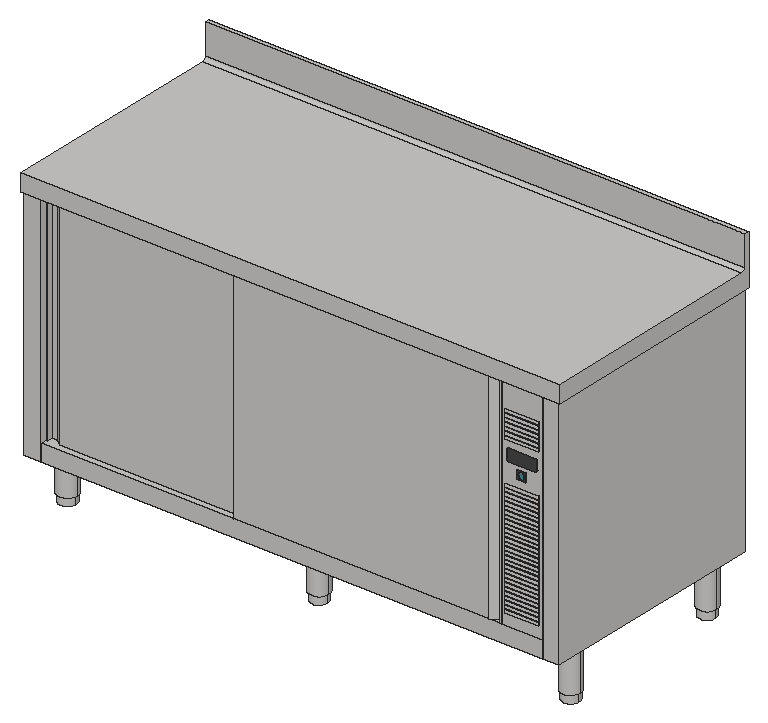
Revit family "QF_ZANUSSI_132793_MTC1610PN", category Attrezzature speciali, Revit 2020
Family settings
  Quota connettore circolare = Usa diametro
  Tipo di parte = Normale
  Basato su piano di lavoro = No
  Sempre verticale = Sì
  Taglio con vuoti quando caricato = No
  Condiviso = No
  Punto di calcolo locali = No
Parameters (values of type "Standard")
  Weight = 65.00 kg
  Watts = 2400 W
  Volts = 220 V
  URL Manufacturer = "http://www.zanussiprofessional.com"
  URL = "http://www.zanussiprofessional.com"
  Steam Supply Size = 0 mm
  Steam Supply Minimum Pressure = 0.0 Pa
  Steam Supply Maximum Pressure = 0.0 Pa
  Steam Consumption per Hour = 0
  Refrigeration Suction Line Size = 0.0 mm
  Refrigeration Liquid Line Size = 0.0 mm
  Refrigerant Compressor Remote = yes
  Prospetto di default = 0.0 mm
  Produttore = "Zanussi"
  Phase = 1
  Modello = "MTC1610PN"
  Length Actual = 1600.0 mm  # constant formula
  Item Number = "132793"
  Hot Water Size = 0 mm
  Height Actual = 1000.0 mm  # constant formula
  HP = "3.2 HP"
  Gas Size = 0 mm
  Gas KW = 0
  Gas Input Pressure = 0 W
  Direct Waste Size = 0 mm
  Descrizione = "HOT CUPB.VENT+UPST+SHELF+SLIDING D. 1600"
  Depth Actual = 700.0 mm  # constant formula
  Cycle = 50 Hz
  Condensate Return Size = 0 mm
  Compressed Air Volume = 0.0 L/s
  Compressed Air Size = 0 mm
  Compressed Air Pressure = 0.0 Pa
  Cold Water Size = 0 mm
  Accessory = yes
Reference planes
  plane 1 "Center (Front/Back)": y = 0
  plane 2: z = 0
  plane 3 "Center (Left/Right)": x = -300
  plane 4 "LEFT": x = -1100
  plane 5 "RIGHT": x = 500
  plane 6 "BACK": y = 350
  plane 7 "FRONT": y = -350
  plane 8 "Base": z = 850
  plane 9 "TOP": z = 900
  plane 10: x = -1046.5
  plane 11: x = 446.5
  plane 12: y = 264.5
  plane 13: y = -241.5
  plane 14 "BodyLeft": x = -1094.5
  plane 15 "BodyFront": y = -344.5
  plane 16 "BodyRight": x = 494.5
  plane 17 "BodyBack": y = 344.5
  plane 18 "FEET": z = 150
  plane 19: x = 324.5
  plane 20: x = -361
  plane 21: x = 444.5
  plane 22 "EIx": x = 400
  plane 23 "EIy": y = -170
Forms (mm)
  Extrusion 1, solid, material "QF_Finishes_Stainless Steel"
    sketch origin (-300, 0, 0) x (0, 1, 0) y (0, 0, 1)
      loop
        line (-350, 850) -> (350, 850) -> (350, 1000) -> (337, 1000) -> (337, 910)
        arc (337, 910) -> (334.071, 902.929) -> (327, 900) r 10
        line (327, 900) -> (-350, 900) -> (-350, 850)
    from 800 to -800
  Extrusion 2, solid, material "QF_Finishes_Stainless Steel"
    sketch origin (0, 0, 150) x (-1, 0, 0) y (0, -1, 0)
      loop
        line (1094.5, -344.5) -> (1094.5, 344.5) -> (1044.5, 344.5) -> (1044.5, -344.5) -> (1094.5, -344.5)
      loop
        line (-444.5, -344.5) -> (-444.5, 344.5) -> (-494.5, 344.5) -> (-494.5, -344.5) -> (-444.5, -344.5)
    from 0 to 700
  Extrusion 3, solid, material "QF_Finishes_Stainless Steel"
    sketch origin (0, 0, 150) x (-1, 0, 0) y (0, -1, 0)
      loop
        line (1044.5, -344.5) -> (1044.5, 344.5) -> (-444.5, 344.5) -> (-444.5, -344.5) -> (1044.5, -344.5)
    from 0 to 50
  Extrusion 4, solid, material "QF_Finishes_Stainless Steel"
    sketch origin (-1, 0, 150) x (-1, 0, 0) y (0, -1, 0)
      loop
        line (-325.5, 344.5) -> (-325.5, 324.5) -> (470.5, 324.5) -> (470.5, 344.5) -> (-285.5, 344.5) -> (-305.5, 329.5) -> (-320.5, 329.5) -> (-320.5, 344.5) -> (-325.5, 344.5)
    from 50 to 700
  Extrusion 5, solid, material "QF_Finishes_Stainless Steel"
    sketch origin (1, 20, 150) x (1, 0, 0) y (0, 1, 0)
      loop
        line (-1045.5, -344.5) -> (-1040.5, -344.5) -> (-1040.5, -329.5) -> (-1025.5, -329.5) -> (-1005.5, -344.5) -> (-251.5, -344.5) -> (-251.5, -324.5) -> (-1045.5, -324.5) -> (-1045.5, -344.5)
    from 50 to 700
  Extrusion 6, solid, material "QF_Finishes_Stainless Steel"
    sketch origin (0, 0, 0) x (1, 0, 0) y (0, 1, 0)
      loop
        line (-1044.5, -304.5) -> (324.5, -304.5) -> (324.5, 324.5) -> (-1044.5, 324.5) -> (-1044.5, -304.5)
    from 500 to 540
  Extrusion 7, solid, material "QF_Finishes_Stainless Steel"
    sketch origin (0, 0, 0) x (1, 0, 0) y (0, 1, 0)
      loop
        line (444.5, 344.5) -> (-1044.5, 344.5) -> (-1044.5, 324.5) -> (444.5, 324.5) -> (444.5, 344.5)
    from 200 to 850
  Extrusion 8, solid, material "QF_Finishes_Stainless Steel"
    sketch origin (0, 0, 150) x (-1, 0, 0) y (0, -1, 0)
      loop
        circle (-400, 170) r 10
    from 0 to -5
Cuts and joins
  joined: Extrusion 3, Extrusion 7
Lines and regions (mm)
  symbolic lines
    curve 1: line (500, 350, 900) -> (-1100, 350, 900)
    curve 2: line (-1100, 350, 900) -> (-1100, -350, 900)
    curve 3: line (-1100, -350, 900) -> (500, -350, 900)
    curve 4: line (500, -350, 900) -> (500, 350, 900)
    curve 15: line (500, 337, 900) -> (-1100, 337, 900)
  symbolic lines, style "SpecialityEquipmentHiddenLines"
    curve 5: line (-1094.5, 344.5, 150) -> (494.5, 344.5, 150)
    curve 6: line (-1094.5, -344.5, 150) -> (-1094.5, 344.5, 150)
    curve 7: line (494.5, -344.5, 150) -> (-1094.5, -344.5, 150)
    curve 8: line (494.5, 344.5, 150) -> (494.5, -344.5, 150)
    curve 9: line (-1045.5, -304.5, 150) -> (-249.5, -304.5, 150)
    curve 10: line (-249.5, -304.5, 150) -> (-249.5, -324.5, 150)
    curve 11: line (-1045.5, -324.5, 150) -> (324.5, -324.5, 150)
    curve 12: line (324.5, -324.5, 150) -> (324.5, -344.5, 150)
    curve 13: line (-1045.5, -304.5, 150) -> (-1045.5, -324.5, 150)
    curve 14: line (-471.5, -344.5, 0) -> (-471.5, -324.5, 0)
Dimensions and locks
  plane 4 "LEFT" to plane 5 "RIGHT" = 1600.0 mm
  equal spacing: plane 4 "LEFT", plane 3 "Center (Left/Right)", plane 5 "RIGHT"
  locked: plane 8 "Base" to level at 850
  plane 6 "BACK" to plane 7 "FRONT" = 700.0 mm
  equal spacing: plane 6 "BACK", plane 1 "Center (Front/Back)", plane 7 "FRONT"
  locked: plane 4 "LEFT" to plane 14 "BodyLeft" at 5.5
  locked: plane 16 "BodyRight" to plane 5 "RIGHT" at 5.5
  locked: plane 15 "BodyFront" to plane 7 "FRONT" at 5.5
  locked: plane 6 "BACK" to plane 17 "BodyBack" at 5.5
  locked: plane 14 "BodyLeft" to plane 10 at 48
  locked: plane 11 to plane 16 "BodyRight" at 48
  locked: plane 13 to plane 15 "BodyFront" at 103
  locked: plane 17 "BodyBack" to plane 12 at 80
  plane 10 to plane 11 = 1493.0 mm
  plane 12 to plane 13 = 506.0 mm
  locked: plane 14 "BodyLeft" to Extrusion 2 sketch curve at 50
  locked: Extrusion 2 sketch curve to Extrusion 2 sketch curve at 50
  equal spacing: plane 10, plane 20, plane 19
  locked: plane 21 to plane 16 "BodyRight" at 50
  locked: plane 19 to plane 21 at 120
  locked: Extrusion 4 sketch curve to plane 20 at 110.5
  locked: plane 20 to Extrusion 5 sketch curve at 110.5
  locked: plane 18 "FEET" to level at 150
  locked: plane 22 "EIx" to plane 5 "RIGHT" at 100
  plane 23 "EIy" to plane 7 "FRONT" = 180.0 mm
  locked: Extrusion 1 to level at 1000
  plane 9 "TOP" to level = 900.0 mm
  aligned and locked: level to plane 2
  aligned and locked: plane 10 to nested 1
  aligned and locked: nested 1 to plane 13
  aligned and locked: plane 11 to nested 2
  aligned and locked: nested 2 to plane 13
  aligned and locked: plane 11 to nested 4
  aligned and locked: nested 4 to plane 12
  aligned and locked: plane 10 to nested 3
  aligned and locked: nested 3 to plane 12
  aligned and locked: Extrusion 1 to plane 4 "LEFT"
  aligned and locked: plane 5 "RIGHT" to Extrusion 1
  aligned and locked: curve 2 to plane 4 "LEFT"
  aligned and locked: plane 17 "BodyBack" to Extrusion 2 sketch curve
  aligned and locked: Extrusion 2 sketch curve to plane 15 "BodyFront"
  aligned and locked: Extrusion 2 sketch curve to plane 14 "BodyLeft"
  aligned and locked: plane 16 "BodyRight" to Extrusion 2 sketch curve
  aligned and locked: Extrusion 2 sketch curve to plane 17 "BodyBack"
  aligned and locked: plane 15 "BodyFront" to Extrusion 2 sketch curve
  aligned and locked: Extrusion 3 sketch curve to plane 17 "BodyBack"
  aligned and locked: plane 15 "BodyFront" to Extrusion 3 sketch curve
  aligned and locked: plane 8 "Base" to Extrusion 2
  aligned and locked: plane 8 "Base" to Extrusion 4
  aligned and locked: Extrusion 4 to Extrusion 3
  aligned and locked: Extrusion 1 to plane 8 "Base"
  aligned and locked: plane 9 "TOP" to Extrusion 1
  aligned and locked: curve 5 to plane 17 "BodyBack"
  aligned and locked: plane 14 "BodyLeft" to curve 6
  aligned and locked: plane 15 "BodyFront" to curve 7
  aligned and locked: plane 16 "BodyRight" to curve 8
  aligned and locked: Extrusion 3 to Extrusion 2  (x2)
  aligned and locked: Extrusion 6 sketch curve to Extrusion 2
  aligned and locked: Extrusion 6 sketch curve to Extrusion 5
  aligned and locked: nested 5 to plane 21
  aligned and locked: Extrusion 7 sketch curve to Extrusion 2
  aligned and locked: Extrusion 6 sketch curve to plane 19
  aligned and locked: plane 3 "Center (Left/Right)" to nested 6
  aligned and locked: plane 3 "Center (Left/Right)" to nested 7
Automatic sketch dimensions
  Extrusion 8 sketch curve to plane 22 "EIx" = 0.0 mm
  Extrusion 8 sketch curve to plane 23 "EIy" = 0.0 mm
  curve 14 to plane 15 "BodyFront" = 0.0 mm
  plane 15 "BodyFront" to curve 14 = 20.0 mm
  curve 14 to plane 20 = 110.5 mm
  curve 3 to plane 7 "FRONT" = 0.0 mm
  curve 15 to plane 5 "RIGHT" = 0.0 mm
  curve 4 to plane 6 "BACK" = 0.0 mm
  curve 15 to plane 17 "BodyBack" = 7.5 mm
  Extrusion 1 sketch curve to plane 7 "FRONT" = 0.0 mm
  Extrusion 1 sketch curve to plane 9 "TOP" = 0.0 mm
  Extrusion 1 sketch curve to plane 6 "BACK" = 0.0 mm
  Extrusion 1 sketch curve to plane 8 "Base" = 0.0 mm
  Extrusion 1 sketch curve to plane 17 "BodyBack" = 17.5 mm
  Extrusion 1 sketch curve to plane 17 "BodyBack" = 7.5 mm
  Extrusion 1 sketch curve to Extrusion 1 sketch curve = 90.0 mm
  Extrusion 3 sketch curve to plane 21 = 0.0 mm
  plane 10 to Extrusion 3 sketch curve = 2.0 mm
  Extrusion 4 sketch curve to plane 19 = 0.0 mm
  Extrusion 4 sketch curve to plane 15 "BodyFront" = 0.0 mm  (x2)
  Extrusion 4 sketch curve to Extrusion 4 sketch curve = 5.0 mm
  Extrusion 4 sketch curve to Extrusion 4 sketch curve = 15.0 mm  (x2)
  Extrusion 4 sketch curve to Extrusion 4 sketch curve = 20.0 mm
  plane 15 "BodyFront" to Extrusion 4 sketch curve = 20.0 mm
  Extrusion 5 sketch curve to plane 15 "BodyFront" = 20.0 mm  (x2)
  Extrusion 5 sketch curve to plane 10 = 42.0 mm
  Extrusion 5 sketch curve to plane 10 = 22.0 mm
  Extrusion 5 sketch curve to plane 10 = 7.0 mm
  Extrusion 5 sketch curve to plane 10 = 2.0 mm
  Extrusion 5 sketch curve to Extrusion 5 sketch curve = 15.0 mm
  Extrusion 5 sketch curve to Extrusion 5 sketch curve = 20.0 mm
  Extrusion 6 sketch curve to plane 17 "BodyBack" = 20.0 mm
  Extrusion 7 sketch curve to plane 21 = 0.0 mm
  Extrusion 7 sketch curve to plane 17 "BodyBack" = 0.0 mm
  Extrusion 7 sketch curve to Extrusion 7 sketch curve = 20.0 mm
  curve 11 to plane 19 = 0.0 mm
  curve 7 to plane 15 "BodyFront" = 0.0 mm
  plane 3 "Center (Left/Right)" to curve 10 = 50.5 mm
  plane 10 to curve 13 = 1.0 mm
  plane 15 "BodyFront" to curve 9 = 40.0 mm
  plane 15 "BodyFront" to curve 13 = 20.0 mm
  radius of Extrusion 8 sketch curve = 10.0 mm
Nested families
  nested 1: "FEET_D58-150" at (-1046.5, -241.5, 0), type "FEET_D58-150"
  nested 2: "FEET_D58-150" at (446.5, -241.5, 0), type "FEET_D58-150"
  nested 3: "FEET_D58-150" at (-1046.5, 264.5, 0), type "FEET_D58-150"
  nested 4: "FEET_D58-150" at (446.5, 264.5, 0), type "FEET_D58-150"
  nested 5: "WT_PNL120x650" at (531.42, -304.5, 600) x (1, 0, 0) z (0, -1, 0), type "WT_PNL120x650"
    with Show Logo yes
  nested 6: "FEET_D58-150" at (-300, -241.5, 0), type "FEET_D58-150"
  nested 7: "FEET_D58-150" at (-300, 264.5, 0), type "FEET_D58-150"
Connectors
  electrical at (400, -170, 145)
    settings: on Extrusion 8, index 1, voltage 0 V, apparent load 0 VA, apparent load phase1 0 VA, apparent load phase2 0 VA, apparent load phase3 0 VA, power factor 1, load classification "Other", number of poles 1, system type 30, power factor state 1, is connector primary yes, connector utility no, sub classification motor no, connector description "Electrical connection"
Definition of nested family "FEET_D58-150"
  Parameters
    Default Elevation = 0.0 mm
    FEET = 150.0 mm
  Reference planes
    plane 1 "Center (Front/Back)": y = 0
    plane 2: z = 0
    plane 3 "Center (Left/Right)": x = 0
    plane 4: z = 150
  Forms (mm)
    Extrusion 1, solid
      sketch origin (0, 0, 0) x (1, 0, 0) y (0, 1, 0)
        loop
          circle (0, 0) r 25
      from 0 to 25
    Extrusion 2, solid
      sketch origin (0, 0, 0) x (1, 0, 0) y (0, 1, 0)
        loop
          circle (0.061, 0) r 29
      from 25 to 150 <- "FEET"
  Lines and regions (mm)
    symbolic lines
      curve 1: line (0, -1.503, 0) -> (0, 1.508, 0)
      curve 2: line (1.561, 0, 0) -> (-1.439, 0, 0)
  Dimensions and locks
    "FEET": plane 4 to plane 2
    aligned and locked: level to plane 2
  Automatic sketch dimensions
    plane 1 "Center (Front/Back)" to Extrusion 1 sketch curve = 0.0 mm
    Extrusion 1 sketch curve to plane 3 "Center (Left/Right)" = 0.0 mm
    plane 1 "Center (Front/Back)" to curve 2 = 0.0 mm
    curve 1 to plane 3 "Center (Left/Right)" = 0.0 mm
    curve 2 to plane 3 "Center (Left/Right)" = 1.439 mm
    plane 3 "Center (Left/Right)" to curve 2 = 1.561 mm
    plane 1 "Center (Front/Back)" to curve 1 = 1.503 mm
    curve 1 to plane 1 "Center (Front/Back)" = 1.508 mm
    plane 1 "Center (Front/Back)" to Extrusion 2 sketch curve = 0.0 mm
    plane 3 "Center (Left/Right)" to Extrusion 2 sketch curve = 0.061 mm
    radius of Extrusion 1 sketch curve = 25.0 mm
    radius of Extrusion 2 sketch curve = 29.0 mm
Definition of nested family "WT_PNL120x650"
  Parameters
    Show Logo [instance] = yes
    Default Elevation = 1219.2 mm
  Reference planes
    plane 1 "Center (Front/Back)": y = -75
    plane 2: z = 0
    plane 3 "Center (Left/Right)": x = -146.92
    plane 4: x = -206.92
    plane 5: x = -86.92
    plane 6: y = 250
    plane 7: y = -400
    plane 8 "TOP": z = 40
  Forms (mm)
    Extrusion 1, solid
      sketch origin (0, 0, 0) x (1, 0, 0) y (0, 1, 0)
        loop
          line (-1219.2, 1219.2) -> (-1219.2, -1219.2) -> (1219.2, -1219.2) -> (1219.2, 1219.2) -> (-1219.2, 1219.2)
      from 0 to -304.8
    Extrusion 2, solid
      sketch origin (0, 0, 0) x (1, 0, 0) y (0, 1, 0)
        loop
          line (-206.92, 250) -> (-206.92, -400) -> (-86.92, -400) -> (-86.92, 250) -> (-206.92, 250)
      from 0 to 40
    Extrusion 3, void
      sketch origin (0, 0, 40) x (-1, 0, 0) y (0, -1, 0)
        loop
          arc (101.92, -68.899) -> (103.795, -73.256) -> (108.247, -74.89) r 6
          line (108.247, -74.89) -> (185.92, -74.89)
          arc (185.92, -74.89) -> (190.163, -73.133) -> (191.92, -68.89) r 6
          line (191.92, -68.89) -> (191.92, -45.89)
          arc (191.92, -45.89) -> (190.163, -41.648) -> (185.92, -39.89) r 6
          line (185.92, -39.89) -> (107.92, -39.89)
          arc (107.92, -39.89) -> (103.677, -41.648) -> (101.92, -45.89) r 6
          line (101.92, -45.89) -> (101.92, -68.899)
        loop
          line (158.92, -27.89) -> (158.92, -2.89) -> (134.92, -2.89) -> (134.92, -27.89) -> (158.92, -27.89)
      from -2 to 0
    Extrusion 4, solid
      sketch origin (0, 0, 40) x (-1, 0, 0) y (0, -1, 0)
        loop
          line (185.92, -39.89) -> (107.92, -39.89)
          arc (107.92, -39.89) -> (103.677, -41.648) -> (101.92, -45.89) r 6
          line (101.92, -45.89) -> (101.92, -68.899)
          arc (101.92, -68.899) -> (103.795, -73.256) -> (108.247, -74.89) r 6
          line (108.247, -74.89) -> (185.92, -74.89)
          arc (185.92, -74.89) -> (190.163, -73.133) -> (191.92, -68.89) r 6
          line (191.92, -68.89) -> (191.92, -45.89)
          arc (191.92, -45.89) -> (190.163, -41.648) -> (185.92, -39.89) r 6
      from -2 to 1
    Extrusion 5, solid
      sketch origin (-146.92, 0, 0) x (0, 1, 0) y (0, 0, 1)
        loop
          line (95.896, 40) -> (104.899, 40) -> (95.896, 41.206) -> (95.896, 40)
        loop
          line (107.896, 40) -> (116.899, 40) -> (107.896, 41.206) -> (107.896, 40)
        loop
          line (119.896, 40) -> (128.899, 40) -> (119.896, 41.206) -> (119.896, 40)
        loop
          line (131.896, 40) -> (140.899, 40) -> (131.896, 41.206) -> (131.896, 40)
        loop
          line (143.896, 40) -> (152.899, 40) -> (143.896, 41.206) -> (143.896, 40)
        loop
          line (155.896, 40) -> (164.899, 40) -> (155.896, 41.206) -> (155.896, 40)
        loop
          line (167.896, 40) -> (176.899, 40) -> (167.896, 41.206) -> (167.896, 40)
        loop
          line (-102.104, 40) -> (-93.101, 40) -> (-102.104, 41.206) -> (-102.104, 40)
        loop
          line (-90.104, 40) -> (-81.101, 40) -> (-90.104, 41.206) -> (-90.104, 40)
        loop
          line (-78.104, 40) -> (-69.101, 40) -> (-78.104, 41.206) -> (-78.104, 40)
        loop
          line (-66.104, 40) -> (-57.101, 40) -> (-66.104, 41.206) -> (-66.104, 40)
        loop
          line (-54.104, 40) -> (-45.101, 40) -> (-54.104, 41.206) -> (-54.104, 40)
        loop
          line (-42.104, 40) -> (-33.101, 40) -> (-42.104, 41.206) -> (-42.104, 40)
        loop
          line (-30.104, 40) -> (-21.101, 40) -> (-30.104, 41.206) -> (-30.104, 40)
        loop
          line (-174.104, 40) -> (-165.101, 40) -> (-174.104, 41.206) -> (-174.104, 40)
        loop
          line (-162.104, 40) -> (-153.101, 40) -> (-162.104, 41.206) -> (-162.104, 40)
        loop
          line (-150.104, 40) -> (-141.101, 40) -> (-150.104, 41.206) -> (-150.104, 40)
        loop
          line (-138.104, 40) -> (-129.101, 40) -> (-138.104, 41.206) -> (-138.104, 40)
        loop
          line (-126.104, 40) -> (-117.101, 40) -> (-126.104, 41.206) -> (-126.104, 40)
        loop
          line (-114.104, 40) -> (-105.101, 40) -> (-114.104, 41.206) -> (-114.104, 40)
        loop
          line (-246.104, 40) -> (-237.101, 40) -> (-246.104, 41.206) -> (-246.104, 40)
        loop
          line (-234.104, 40) -> (-225.101, 40) -> (-234.104, 41.206) -> (-234.104, 40)
        loop
          line (-222.104, 40) -> (-213.101, 40) -> (-222.104, 41.206) -> (-222.104, 40)
        loop
          line (-210.104, 40) -> (-201.101, 40) -> (-210.104, 41.206) -> (-210.104, 40)
        loop
          line (-198.104, 40) -> (-189.101, 40) -> (-198.104, 41.206) -> (-198.104, 40)
        loop
          line (-186.104, 40) -> (-177.101, 40) -> (-186.104, 41.206) -> (-186.104, 40)
        loop
          line (-318.104, 40) -> (-309.101, 40) -> (-318.104, 41.206) -> (-318.104, 40)
        loop
          line (-306.104, 40) -> (-297.101, 40) -> (-306.104, 41.206) -> (-306.104, 40)
        loop
          line (-294.104, 40) -> (-285.101, 40) -> (-294.104, 41.206) -> (-294.104, 40)
        loop
          line (-282.104, 40) -> (-273.101, 40) -> (-282.104, 41.206) -> (-282.104, 40)
        loop
          line (-270.104, 40) -> (-261.101, 40) -> (-270.104, 41.206) -> (-270.104, 40)
        loop
          line (-258.104, 40) -> (-249.101, 40) -> (-258.104, 41.206) -> (-258.104, 40)
        loop
          line (-366.104, 40) -> (-357.101, 40) -> (-366.104, 41.206) -> (-366.104, 40)
        loop
          line (-354.104, 40) -> (-345.101, 40) -> (-354.104, 41.206) -> (-354.104, 40)
        loop
          line (-342.104, 40) -> (-333.101, 40) -> (-342.104, 41.206) -> (-342.104, 40)
        loop
          line (-330.104, 40) -> (-321.101, 40) -> (-330.104, 41.206) -> (-330.104, 40)
      from -50 to 50
    Extrusion 6, solid
      sketch origin (0, 0, 40) x (-1, 0, 0) y (0, -1, 0)
        loop
          line (134.92, -27.89) -> (158.92, -27.89) -> (158.92, -2.89) -> (134.92, -2.89) -> (134.92, -27.89)
        loop
          circle (146.92, -15.39) r 9
      from -2 to 3
    Extrusion 7, solid
      sketch origin (0, 0, 40) x (-1, 0, 0) y (0, -1, 0)
        loop
          circle (146.92, -15.39) r 9
      from 0 to 3
  Cuts and joins
    Extrusion 3 cuts Extrusion 2
  Dimensions and locks
    equal spacing: plane 6, plane 1 "Center (Front/Back)", plane 7
    equal spacing: plane 4, plane 3 "Center (Left/Right)", plane 5
    plane 8 "TOP" to level = 40.0 mm
    aligned and locked: plane 2 to Extrusion 1
    aligned and locked: level to Extrusion 1
  Automatic sketch dimensions
    Extrusion 1 sketch curve to Extrusion 1 sketch curve = 2438.4 mm  (x2)
    Extrusion 2 sketch curve to plane 4 = 0.0 mm
    Extrusion 2 sketch curve to plane 5 = 0.0 mm
    Extrusion 2 sketch curve to plane 7 = 0.0 mm
    Extrusion 2 sketch curve to plane 6 = 0.0 mm
    Extrusion 5 sketch curve to plane 8 "TOP" = 0.0 mm  (x36)
    Extrusion 5 sketch curve to Extrusion 5 sketch curve = 9.003 mm  (x35)
    plane 8 "TOP" to Extrusion 5 sketch curve = 1.206 mm  (x22)
    Extrusion 5 sketch curve to Extrusion 5 sketch curve = 2.997 mm  (x33)
    plane 1 "Center (Front/Back)" to Extrusion 5 sketch curve = 6.101 mm
    plane 1 "Center (Front/Back)" to Extrusion 5 sketch curve = 3.104 mm
    Extrusion 5 sketch curve to plane 1 "Center (Front/Back)" = 5.899 mm
    Extrusion 5 sketch curve to Extrusion 5 sketch curve = 116.997 mm
    Extrusion 5 sketch curve to Extrusion 5 sketch curve = 1.206 mm  (x14)
    Extrusion 4 sketch curve to plane 5 = 15.0 mm
    Extrusion 4 sketch curve to Extrusion 4 sketch curve = 6.0 mm  (x3)
    Extrusion 4 sketch curve to Extrusion 4 sketch curve = 0.327 mm
    plane 4 to Extrusion 4 sketch curve = 21.0 mm  (x2)
    Extrusion 4 sketch curve to plane 1 "Center (Front/Back)" = 149.89 mm
    Extrusion 4 sketch curve to Extrusion 4 sketch curve = 23.009 mm
    Extrusion 3 sketch curve to plane 5 = 15.0 mm
    Extrusion 3 sketch curve to Extrusion 3 sketch curve = 6.0 mm  (x3)
    Extrusion 3 sketch curve to Extrusion 3 sketch curve = 0.327 mm
    plane 3 "Center (Left/Right)" to Extrusion 3 sketch curve = 12.0 mm
    Extrusion 3 sketch curve to plane 3 "Center (Left/Right)" = 12.0 mm
    plane 4 to Extrusion 3 sketch curve = 21.0 mm  (x2)
    Extrusion 3 sketch curve to plane 1 "Center (Front/Back)" = 149.89 mm
    Extrusion 3 sketch curve to Extrusion 3 sketch curve = 23.0 mm
    Extrusion 3 sketch curve to Extrusion 3 sketch curve = 12.0 mm
    Extrusion 3 sketch curve to Extrusion 3 sketch curve = 25.0 mm
    Extrusion 6 sketch curve to plane 3 "Center (Left/Right)" = 0.0 mm
    plane 3 "Center (Left/Right)" to Extrusion 6 sketch curve = 12.0 mm
    Extrusion 6 sketch curve to plane 3 "Center (Left/Right)" = 12.0 mm
    Extrusion 6 sketch curve to plane 1 "Center (Front/Back)" = 102.89 mm
    Extrusion 6 sketch curve to Extrusion 6 sketch curve = 12.5 mm  (x2)
    Extrusion 7 sketch curve to plane 3 "Center (Left/Right)" = 0.0 mm
    Extrusion 7 sketch curve to plane 1 "Center (Front/Back)" = 90.39 mm
    radius of Extrusion 6 sketch curve = 9.0 mm
    radius of Extrusion 7 sketch curve = 9.0 mm
